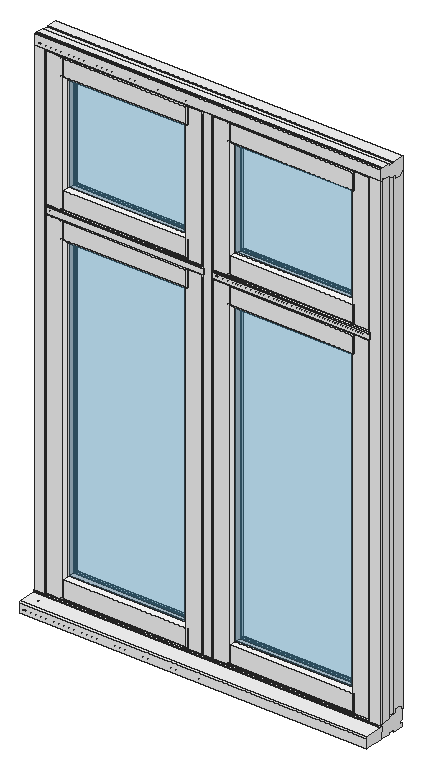
Revit family "C22", category Generic Models, Revit 2012
Parameters (values of type "Window Sill drawing")
  Width = 1200 mm
  Height = 1770 mm
  GlazingPanelMaterial = Glass
  Floor Material = White
Reference planes
  plane 1 "Center (Front/Back)": y = 0
  plane 2: z = 0
  plane 3 "Center (Left/Right)": x = 0
  plane 4: z = 33
  plane 5: x = -714
  plane 6: x = -750
  plane 7: x = -718
  plane 8: x = 450
  plane 9: y = 67
  plane 10: y = -67
  plane 11: z = 1770
  plane 12: z = 1734
  plane 13: z = 1722
  plane 14: z = 578
  plane 15: z = 622
  plane 16: z = 117
  plane 17: x = -150
  plane 18: z = 530.5
  plane 19: z = 540.5
  plane 20: x = 414
  plane 21: x = 402
  plane 22: z = 60
  plane 23: y = 16.985
  plane 24: z = 1730
  plane 25: z = 1255.81
  plane 26: z = 117
Forms (mm)
  Extrusion 1, solid, not visible
    sketch origin (0, 0, 9.375) x (0, 1, 0) y (0, 0, 1)
      loop
        line (94.662, 311.911) -> (94.314, 312.868) -> (95.314, 312.868) -> (93.454, 317.977) -> (86.115, 317.977) -> (85.011, 317.575) -> (64.143, 317.575) -> (64.143, 311.911) -> (94.662, 311.911)
    from 0 to 250
  Extrusion 2, solid, not visible
    sketch origin (0, 0, 9.375) x (0, 1, 0) y (0, 0, 1)
      loop
        line (93.688, 317.334) -> (85.92, 317.334) -> (87.101, 312.926) -> (95.293, 312.926) -> (93.688, 317.334)
      loop
        line (91.853, 322.376) -> (91.853, 328.194)
        arc (91.853, 328.194) -> (91.424, 329.231) -> (90.388, 329.66) r 1.465
        line (90.388, 329.66) -> (71.853, 329.66) -> (71.853, 322.376) -> (91.853, 322.376)
      loop
        line (73.373, 320.598) -> (64.143, 320.598) -> (64.143, 317.575) -> (73.373, 317.575) -> (73.373, 320.598)
      loop
        line (61.169, 311.884) -> (61.169, 316.884) -> (56.169, 316.884)
        arc (56.169, 316.884) -> (53.926, 317.813) -> (52.996, 320.057) r 3.173
        line (52.996, 320.057) -> (52.996, 327.594)
        arc (52.996, 327.594) -> (53.247, 329.284) -> (54.656, 330.25) r 2.138
        line (54.656, 330.25) -> (56.493, 330.25)
        arc (56.493, 330.25) -> (57.939, 329.727) -> (58.925, 328.548) r 2.95
        line (58.925, 328.548) -> (59.306, 324.922) -> (61.24, 324.922) -> (60.612, 330.901)
        arc (60.612, 330.901) -> (59.723, 332.646) -> (57.894, 333.348) r 2.733
        line (57.894, 333.348) -> (52.423, 333.348)
        arc (52.423, 333.348) -> (50.164, 330.795) -> (49.999, 327.391) r 5.139
        line (49.999, 327.391) -> (47.957, 316.884)
        arc (47.957, 316.884) -> (49.179, 314.507) -> (49.698, 311.884) r 9.583
        line (49.698, 311.884) -> (61.169, 311.884)
    from 0 to 250
  Extrusion 3, solid, not visible
    sketch origin (-848.022, -244.537, 0) x (1, 0, 0) y (0, 1, 0)
      loop
        line (-156.504, 643.402) -> (-146.504, 653.402) -> (-146.504, 655.402) -> (-162.504, 655.402) -> (-162.504, 703.402) -> (-199.504, 703.402)
        arc (-199.504, 703.402) -> (-201.625, 702.524) -> (-202.504, 700.402) r 3
        line (-202.504, 700.402) -> (-202.504, 695.402) -> (-196.504, 695.402) -> (-196.504, 692.402) -> (-202.504, 692.402) -> (-202.504, 679.402) -> (-196.504, 679.402) -> (-196.504, 667.402) -> (-202.504, 667.402) -> (-202.504, 646.402)
        arc (-202.504, 646.402) -> (-201.625, 644.281) -> (-199.504, 643.402) r 3
        line (-199.504, 643.402) -> (-156.504, 643.402)
    from 672 to 1294
  Extrusion 4, solid, not visible
    sketch origin (-848.022, -244.537, 0) x (1, 0, 0) y (0, 1, 0)
      loop
        line (-162.504, 700.402) -> (-162.504, 681.402) -> (-150.504, 681.402) -> (-150.504, 684.402) -> (-146.504, 685.402) -> (-146.504, 689.402) -> (-149.504, 689.402)
        arc (-149.504, 689.402) -> (-151.847, 695.059) -> (-157.504, 697.402) r 8
        line (-157.504, 697.402) -> (-157.504, 700.402) -> (-162.504, 700.402)
    from 672 to 1294
  Extrusion 5, solid, not visible
    sketch origin (-511.418, -643.152, -230) x (1, 0, 0) y (0, 1, 0)
      loop
        line (-200.504, 641.902) -> (-200.504, 638.902) -> (-198.254, 638.902) -> (-198.254, 634.902) -> (-195.818, 634.902) -> (-195.818, 638.902) -> (-193.504, 638.902) -> (-193.504, 641.902) -> (-195.282, 641.902) -> (-195.282, 641.116) -> (-194.482, 641.116) -> (-194.482, 639.814) -> (-199.81, 639.814) -> (-199.81, 641.116) -> (-199.01, 641.116) -> (-199.01, 641.902) -> (-200.504, 641.902)
    from 230 to 852
  Extrusion 6, solid, not visible
    sketch origin (-511.418, -643.152, -140) x (1, 0, 0) y (0, 1, 0)
      loop
        line (-194.482, 639.814) -> (-194.482, 641.116) -> (-199.81, 641.116) -> (-199.81, 639.814) -> (-194.482, 639.814)
    from 140 to 762
  Extrusion 7, solid, not visible
    sketch origin (-511.418, -643.152, 0) x (1, 0, 0) y (0, 1, 0)
      loop
        spline (-199.847, 645.779) -> (-199.478, 645.505) -> (-199.241, 645.183) -> (-199.108, 644.823) -> (-199.048, 644.431) -> (-199.033, 644.016) -> (-199.035, 643.585) -> (-199.023, 643.147) -> (-198.97, 642.709) -> (-198.847, 642.279) -> (-198.624, 641.865) -> (-198.272, 641.475) -> (-197.764, 641.116)
        line (-197.764, 641.116) -> (-196.529, 641.116)
        spline (-196.529, 641.116) -> (-195.991, 641.457) -> (-195.612, 641.839) -> (-195.363, 642.251) -> (-195.215, 642.684) -> (-195.139, 643.129) -> (-195.106, 643.577) -> (-195.086, 644.017) -> (-195.05, 644.441) -> (-194.969, 644.838) -> (-194.814, 645.2) -> (-194.556, 645.517) -> (-194.166, 645.779)
        line (-194.166, 645.779) -> (-199.847, 645.779)
    from 0 to 622
  Extrusion 8, solid, material "White" <- "Floor Material"
    sketch origin (0, -3440.583, -3.128) x (0, 1, 0) y (0, 0, 1)
      loop
        line (3451.083, 1725.128) -> (3435.083, 1725.128)
        arc (3435.083, 1725.128) -> (3433.669, 1724.542) -> (3433.083, 1723.128) r 2
        line (3433.083, 1723.128) -> (3415.083, 1723.128)
        arc (3415.083, 1723.128) -> (3414.498, 1724.542) -> (3413.083, 1725.128) r 2
        line (3413.083, 1725.128) -> (3402.083, 1725.128) -> (3402.083, 1730.128)
        arc (3402.083, 1730.128) -> (3401.205, 1732.249) -> (3399.083, 1733.128) r 3
        line (3399.083, 1733.128) -> (3397.083, 1733.128)
        arc (3397.083, 1733.128) -> (3394.962, 1732.249) -> (3394.083, 1730.128) r 3
        line (3394.083, 1730.128) -> (3394.083, 1675.128) -> (3404.083, 1665.128) -> (3406.083, 1665.128) -> (3406.083, 1681.128) -> (3454.083, 1681.128) -> (3454.083, 1722.128)
        arc (3454.083, 1722.128) -> (3453.205, 1724.249) -> (3451.083, 1725.128) r 3
    from -657.987 to -219.773
  Sweep 9, solid, material "White" <- "Floor Material"
    path origin (16.12, -8, -4.107) x (1, 0, 0) y (0, 0, 1)
      loop
        line (-674, 1682) -> (-674, 1312.227) -> (-236, 1312.227) -> (-236, 1682) -> (-674, 1682)
    profile origin (-438.88, -8, 1677.893) x (0, 0, 1) y (0, -1, 0)
      loop
        line (-4.893, -19) -> (0.107, -19) -> (0.107, 0) -> (-11.893, 0) -> (-11.893, -3) -> (-15.893, -4) -> (-15.893, -8) -> (-12.893, -8)
        arc (-12.893, -8) -> (-10.55, -13.657) -> (-4.893, -16) r 8
        line (-4.893, -16) -> (-4.893, -19)
  Extrusion 10, solid, material "Glass"
    sketch origin (2388.494, -1584.07, 0) x (1, 0, 0) y (0, 1, 0)
      loop
        line (-3042.481, 1575.085) -> (-3042.481, 1571.085) -> (-2620.267, 1571.085) -> (-2620.267, 1575.085) -> (-3042.481, 1575.085)
      loop
        line (-3042.481, 1555.085) -> (-3042.481, 1551.085) -> (-2620.267, 1551.085) -> (-2620.267, 1555.085) -> (-3042.481, 1555.085)
    from 1316.369 to 1672
  Sweep 11, solid
    path origin (16.013, -20.977, -4) x (1, 0, 0) y (0, 0, 1)
      loop
        line (-670, 1678) -> (-670, 1316.013) -> (-239.786, 1316.013) -> (-239.786, 1678) -> (-670, 1678)
    profile origin (-438.88, -20.977, 1674) x (0, 0, 1) y (0, -1, 0)
      loop
        line (0, -8) -> (0, 8) -> (-10, 8) -> (-10, -8) -> (0, -8)
  Extrusion 12, solid, material "White" <- "Floor Material"
    sketch origin (0, -3500.599, -3.128) x (0, 1, 0) y (0, 0, 1)
      loop
        line (3457.583, 41.128) -> (3452.583, 41.128) -> (3395.213, 37.105)
        arc (3395.213, 37.105) -> (3393.335, 36.114) -> (3392.583, 34.128) r 3
        line (3392.583, 34.128) -> (3392.583, 3.128) -> (3397.583, 3.128) -> (3397.583, 5.128)
        arc (3397.583, 5.128) -> (3400.583, 8.128) -> (3403.583, 5.128) r 3
        line (3403.583, 5.128) -> (3403.583, 3.128) -> (3452.583, 3.128) -> (3452.583, 26.128) -> (3457.583, 26.128) -> (3457.583, 41.128)
    from -750 to 450
  Extrusion 13, solid, material "White" <- "Floor Material"
    sketch origin (0, -3500.599, -3.128) x (0, 1, 0) y (0, 0, 1)
      loop
        line (3546.583, 58.128) -> (3543.583, 58.128)
        arc (3543.583, 58.128) -> (3540.655, 65.199) -> (3533.583, 68.128) r 10
        line (3533.583, 68.128) -> (3533.583, 71.128) -> (3517.583, 71.128) -> (3517.583, 63.128) -> (3523.583, 63.128) -> (3523.583, 60.128) -> (3517.583, 60.128) -> (3517.583, 59.128) -> (3494.583, 56.128) -> (3494.583, 51.128) -> (3454.583, 46.128)
        arc (3454.583, 46.128) -> (3453.169, 45.542) -> (3452.583, 44.128) r 2
        line (3452.583, 44.128) -> (3452.583, 41.128) -> (3457.583, 41.128) -> (3457.583, 26.128) -> (3452.583, 26.128) -> (3452.583, 3.128) -> (3457.583, 3.128) -> (3457.583, 5.128)
        arc (3457.583, 5.128) -> (3460.583, 8.128) -> (3463.583, 5.128) r 3
        line (3463.583, 5.128) -> (3463.583, 3.128) -> (3489.583, 3.128) -> (3489.583, 8.128) -> (3509.583, 8.128) -> (3509.583, 3.128) -> (3546.583, 3.128) -> (3546.583, 13.128) -> (3536.583, 13.128) -> (3536.583, 23.128) -> (3546.583, 23.128) -> (3546.583, 58.128)
    from -750 to 450
  Sweep 14, solid, material "White" <- "Floor Material"
    path origin (0, 0, 0) x (1, 0, 0) y (0, 0, 1)
      loop
        line (-750, 1770) -> (450, 1770)
    profile origin (-150, 0, 1770) x (0, 0, 1) y (0, -1, 0)
      loop
        line (0, -10) -> (-5, -10) -> (-5, 10) -> (0, 10) -> (0, 36) -> (-2, 36)
        arc (-2, 36) -> (-5, 39) -> (-2, 42) r 3
        line (-2, 42) -> (0, 42) -> (0, 47) -> (-36, 47) -> (-36, 43)
        arc (-36, 43) -> (-34.834, 41.499) -> (-33, 41) r 3
        line (-33, 41) -> (-33, 34.079)
        arc (-33, 34.079) -> (-34.922, 33.441) -> (-36, 31.727) r 3
        line (-36, 31.727) -> (-36, 7) -> (-44, 7) -> (-44, -1) -> (-36, -1) -> (-36, -4) -> (-44, -4) -> (-44, -14) -> (-36, -14) -> (-36, -18) -> (-56, -18) -> (-56, -34) -> (-53, -34)
        arc (-53, -34) -> (-50.071, -41.071) -> (-43, -44) r 10
        line (-43, -44) -> (-43, -47) -> (0, -47) -> (0, -10)
  Extrusion 15, solid, material "White" <- "Floor Material"
    sketch origin (753.141, -3440.699, 1654.007) x (0, 1, 0) y (-1, 0, 0)
      loop
        line (3451.083, 1455.128) -> (3435.083, 1455.128)
        arc (3435.083, 1455.128) -> (3433.669, 1454.542) -> (3433.083, 1453.128) r 2
        line (3433.083, 1453.128) -> (3415.083, 1453.128)
        arc (3415.083, 1453.128) -> (3414.498, 1454.542) -> (3413.083, 1455.128) r 2
        line (3413.083, 1455.128) -> (3402.083, 1455.128) -> (3402.083, 1460.128)
        arc (3402.083, 1460.128) -> (3401.205, 1462.249) -> (3399.083, 1463.128) r 3
        line (3399.083, 1463.128) -> (3397.083, 1463.128)
        arc (3397.083, 1463.128) -> (3394.962, 1462.249) -> (3394.083, 1460.128) r 3
        line (3394.083, 1460.128) -> (3394.083, 1405.128) -> (3404.083, 1395.128) -> (3406.083, 1395.128) -> (3406.083, 1411.128) -> (3454.083, 1411.128) -> (3454.083, 1452.128)
        arc (3454.083, 1452.128) -> (3453.205, 1454.249) -> (3451.083, 1455.128) r 3
    from -398.197 to 75.993
  Extrusion 16, solid, material "White" <- "Floor Material"
    sketch origin (-1630.9, -3440.699, 1654.007) x (0, 1, 0) y (-1, 0, 0)
      loop
        arc (3451.083, -1455.128) -> (3453.205, -1454.249) -> (3454.083, -1452.128) r 3
        line (3454.083, -1452.128) -> (3454.083, -1411.128) -> (3406.083, -1411.128) -> (3406.083, -1395.128) -> (3404.083, -1395.128) -> (3394.083, -1405.128) -> (3394.083, -1460.128)
        arc (3394.083, -1460.128) -> (3394.962, -1462.249) -> (3397.083, -1463.128) r 3
        line (3397.083, -1463.128) -> (3399.083, -1463.128)
        arc (3399.083, -1463.128) -> (3401.205, -1462.249) -> (3402.083, -1460.128) r 3
        line (3402.083, -1460.128) -> (3402.083, -1455.128) -> (3413.083, -1455.128)
        arc (3413.083, -1455.128) -> (3414.498, -1454.542) -> (3415.083, -1453.128) r 2
        line (3415.083, -1453.128) -> (3433.083, -1453.128)
        arc (3433.083, -1453.128) -> (3433.669, -1454.542) -> (3435.083, -1455.128) r 2
        line (3435.083, -1455.128) -> (3451.083, -1455.128)
    from -398.197 to 75.993
  Extrusion 17, solid, material "White" <- "Floor Material"
    sketch origin (0, -3440.583, 2722.931) x (0, 1, 0) y (0, 0, 1)
      loop
        arc (3451.083, -1455.128) -> (3453.205, -1454.249) -> (3454.083, -1452.128) r 3
        line (3454.083, -1452.128) -> (3454.083, -1411.128) -> (3406.083, -1411.128) -> (3406.083, -1395.128) -> (3404.083, -1395.128) -> (3394.083, -1405.128) -> (3394.083, -1464.121)
        arc (3394.083, -1464.121) -> (3394.962, -1466.243) -> (3397.083, -1467.121) r 3
        line (3397.083, -1467.121) -> (3399.083, -1467.121)
        arc (3399.083, -1467.121) -> (3401.205, -1466.243) -> (3402.083, -1464.121) r 3
        line (3402.083, -1464.121) -> (3402.083, -1455.128) -> (3413.083, -1455.128)
        arc (3413.083, -1455.128) -> (3414.498, -1454.542) -> (3415.083, -1453.128) r 2
        line (3415.083, -1453.128) -> (3433.083, -1453.128)
        arc (3433.083, -1453.128) -> (3433.669, -1454.542) -> (3435.083, -1455.128) r 2
        line (3435.083, -1455.128) -> (3451.083, -1455.128)
    from -657.987 to -219.773
  Extrusion 18, solid, material "White" <- "Floor Material"
    sketch origin (-1585.9, -3440.699, 1654.007) x (0, 1, 0) y (-1, 0, 0)
      loop
        line (3397.083, -1422.128) -> (3393.083, -1422.128) -> (3393.083, -1450.128) -> (3397.083, -1450.128)
        arc (3397.083, -1450.128) -> (3398.498, -1449.542) -> (3399.083, -1448.128) r 2
        line (3399.083, -1448.128) -> (3399.083, -1447.128) -> (3406.083, -1447.128) -> (3406.083, -1448.128)
        arc (3406.083, -1448.128) -> (3406.669, -1449.542) -> (3408.083, -1450.128) r 2
        line (3408.083, -1450.128) -> (3433.083, -1450.128) -> (3433.083, -1456.128) -> (3441.083, -1456.128) -> (3441.083, -1450.128) -> (3444.083, -1450.128) -> (3444.083, -1458.128) -> (3454.083, -1458.128) -> (3454.083, -1450.128) -> (3458.083, -1450.128) -> (3458.083, -1470.128) -> (3474.083, -1470.128) -> (3474.083, -1467.128)
        arc (3474.083, -1467.128) -> (3481.155, -1464.199) -> (3484.083, -1457.128) r 10
        line (3484.083, -1457.128) -> (3487.083, -1457.128) -> (3487.083, -1415.128) -> (3484.083, -1415.128)
        arc (3484.083, -1415.128) -> (3481.155, -1408.057) -> (3474.083, -1405.128) r 10
        line (3474.083, -1405.128) -> (3474.083, -1402.128) -> (3458.083, -1402.128) -> (3458.083, -1422.128) -> (3454.083, -1422.128) -> (3454.083, -1414.128) -> (3444.083, -1414.128) -> (3444.083, -1422.128) -> (3441.083, -1422.128) -> (3441.083, -1416.128) -> (3433.083, -1416.128) -> (3433.083, -1422.128) -> (3408.083, -1422.128)
        arc (3408.083, -1422.128) -> (3406.669, -1422.714) -> (3406.083, -1424.128) r 2
        line (3406.083, -1424.128) -> (3406.083, -1425.128) -> (3399.083, -1425.128) -> (3399.083, -1424.128)
        arc (3399.083, -1424.128) -> (3398.498, -1422.714) -> (3397.083, -1422.128) r 2
    from -1606.007 to 79.993
  Extrusion 19, solid, material "White" <- "Floor Material"
    sketch origin (0, -3440.583, 1515.128) x (0, 1, 0) y (0, 0, 1)
      loop
        arc (3451.083, -1455.128) -> (3453.205, -1454.249) -> (3454.083, -1452.128) r 3
        line (3454.083, -1452.128) -> (3454.083, -1411.128) -> (3406.083, -1411.128) -> (3406.083, -1395.128) -> (3404.083, -1395.128) -> (3394.083, -1405.128) -> (3394.083, -1464.128)
        arc (3394.083, -1464.128) -> (3394.962, -1466.249) -> (3397.083, -1467.128) r 3
        line (3397.083, -1467.128) -> (3399.083, -1467.128)
        arc (3399.083, -1467.128) -> (3401.205, -1466.249) -> (3402.083, -1464.128) r 3
        line (3402.083, -1464.128) -> (3402.083, -1455.128) -> (3413.083, -1455.128)
        arc (3413.083, -1455.128) -> (3414.498, -1454.542) -> (3415.083, -1453.128) r 2
        line (3415.083, -1453.128) -> (3433.083, -1453.128)
        arc (3433.083, -1453.128) -> (3433.669, -1454.542) -> (3435.083, -1455.128) r 2
        line (3435.083, -1455.128) -> (3451.083, -1455.128)
    from -657.987 to -219.773
  Extrusion 20, solid, material "White" <- "Floor Material"
    sketch origin (-2129.889, -3440.699, -194.324) x (0, 1, 0) y (0, 0, -1)
      loop
        line (3397.083, -1421.91) -> (3393.083, -1421.91) -> (3393.083, -1441.91) -> (3393.083, -1442.91)
        arc (3393.083, -1442.91) -> (3393.669, -1444.325) -> (3395.083, -1444.91) r 2
        line (3395.083, -1444.91) -> (3435.083, -1450.128) -> (3435.083, -1455.128) -> (3458.083, -1458.128) -> (3458.083, -1459.128) -> (3464.083, -1459.128) -> (3464.083, -1462.128) -> (3458.083, -1462.128) -> (3458.083, -1470.128) -> (3474.083, -1470.128) -> (3474.083, -1467.128)
        arc (3474.083, -1467.128) -> (3481.155, -1464.199) -> (3484.083, -1457.128) r 10
        line (3484.083, -1457.128) -> (3487.083, -1457.128) -> (3487.083, -1415.128) -> (3484.083, -1415.128)
        arc (3484.083, -1415.128) -> (3481.155, -1408.057) -> (3474.083, -1405.128) r 10
        line (3474.083, -1405.128) -> (3474.083, -1402.128) -> (3458.083, -1402.128) -> (3458.083, -1422.128) -> (3454.083, -1422.128) -> (3454.083, -1413.91) -> (3444.083, -1413.91) -> (3444.083, -1421.91) -> (3441.083, -1421.91) -> (3441.083, -1415.91) -> (3433.083, -1415.91) -> (3433.083, -1421.91) -> (3408.083, -1421.91)
        arc (3408.083, -1421.91) -> (3406.669, -1422.496) -> (3406.083, -1423.91) r 2
        line (3406.083, -1423.91) -> (3406.083, -1424.91) -> (3399.083, -1424.91) -> (3399.083, -1423.91)
        arc (3399.083, -1423.91) -> (3398.498, -1422.496) -> (3397.083, -1421.91) r 2
    from -1966.122 to -1415.889
  Extrusion 21, solid, material "White" <- "Floor Material"
    sketch origin (0, -3440.583, -239.324) x (0, 1, 0) y (0, 0, 1)
      loop
        line (3451.083, 1455.128) -> (3435.083, 1455.128)
        arc (3435.083, 1455.128) -> (3433.669, 1454.542) -> (3433.083, 1453.128) r 2
        line (3433.083, 1453.128) -> (3415.083, 1453.128)
        arc (3415.083, 1453.128) -> (3414.498, 1454.542) -> (3413.083, 1455.128) r 2
        line (3413.083, 1455.128) -> (3402.083, 1455.128) -> (3402.083, 1460.128)
        arc (3402.083, 1460.128) -> (3401.205, 1462.249) -> (3399.083, 1463.128) r 3
        line (3399.083, 1463.128) -> (3397.083, 1463.128)
        arc (3397.083, 1463.128) -> (3394.962, 1462.249) -> (3394.083, 1460.128) r 3
        line (3394.083, 1460.128) -> (3394.083, 1405.128) -> (3404.083, 1395.128) -> (3406.083, 1395.128) -> (3406.083, 1411.128) -> (3454.083, 1411.128) -> (3454.083, 1452.128)
        arc (3454.083, 1452.128) -> (3453.205, 1454.249) -> (3451.083, 1455.128) r 3
    from -657.987 to -219.773
  Sweep 22, solid, material "White" <- "Floor Material"
    path origin (16.12, -8, -514.094) x (1, 0, 0) y (0, 0, 1)
      loop
        line (-674, 1685.809) -> (-674, 618.194) -> (-236, 618.194) -> (-236, 1685.809) -> (-674, 1685.809)
    profile origin (-438.88, -8, 1171.715) x (0, 0, 1) y (0, -1, 0)
      loop
        line (-4.893, -19) -> (0.107, -19) -> (0.107, 0) -> (-11.893, 0) -> (-11.893, -3) -> (-15.893, -4) -> (-15.893, -8) -> (-12.893, -8)
        arc (-12.893, -8) -> (-10.55, -13.657) -> (-4.893, -16) r 8
        line (-4.893, -16) -> (-4.893, -19)
  Extrusion 23, solid, material "White" <- "Floor Material"
    sketch origin (753.141, -3440.699, 1144.02) x (0, 1, 0) y (-1, 0, 0)
      loop
        line (3451.083, 1455.128) -> (3435.083, 1455.128)
        arc (3435.083, 1455.128) -> (3433.669, 1454.542) -> (3433.083, 1453.128) r 2
        line (3433.083, 1453.128) -> (3415.083, 1453.128)
        arc (3415.083, 1453.128) -> (3414.498, 1454.542) -> (3413.083, 1455.128) r 2
        line (3413.083, 1455.128) -> (3402.083, 1455.128) -> (3402.083, 1460.128)
        arc (3402.083, 1460.128) -> (3401.205, 1462.249) -> (3399.083, 1463.128) r 3
        line (3399.083, 1463.128) -> (3397.083, 1463.128)
        arc (3397.083, 1463.128) -> (3394.962, 1462.249) -> (3394.083, 1460.128) r 3
        line (3394.083, 1460.128) -> (3394.083, 1405.128) -> (3404.083, 1395.128) -> (3406.083, 1395.128) -> (3406.083, 1411.128) -> (3454.083, 1411.128) -> (3454.083, 1452.128)
        arc (3454.083, 1452.128) -> (3453.205, 1454.249) -> (3451.083, 1455.128) r 3
    from -1096.02 to 79.784
  Extrusion 24, solid, material "White" <- "Floor Material"
    sketch origin (-1630.9, -3440.699, 1144.02) x (0, 1, 0) y (-1, 0, 0)
      loop
        arc (3451.083, -1455.128) -> (3453.205, -1454.249) -> (3454.083, -1452.128) r 3
        line (3454.083, -1452.128) -> (3454.083, -1411.128) -> (3406.083, -1411.128) -> (3406.083, -1395.128) -> (3404.083, -1395.128) -> (3394.083, -1405.128) -> (3394.083, -1460.128)
        arc (3394.083, -1460.128) -> (3394.962, -1462.249) -> (3397.083, -1463.128) r 3
        line (3397.083, -1463.128) -> (3399.083, -1463.128)
        arc (3399.083, -1463.128) -> (3401.205, -1462.249) -> (3402.083, -1460.128) r 3
        line (3402.083, -1460.128) -> (3402.083, -1455.128) -> (3413.083, -1455.128)
        arc (3413.083, -1455.128) -> (3414.498, -1454.542) -> (3415.083, -1453.128) r 2
        line (3415.083, -1453.128) -> (3433.083, -1453.128)
        arc (3433.083, -1453.128) -> (3433.669, -1454.542) -> (3435.083, -1455.128) r 2
        line (3435.083, -1455.128) -> (3451.083, -1455.128)
    from -1096.02 to 79.784
  Extrusion 25, solid, material "Glass"
    sketch origin (2388.494, -1584.07, -509.987) x (1, 0, 0) y (0, 1, 0)
      loop
        line (-3042.481, 1575.085) -> (-3042.481, 1571.085) -> (-2620.267, 1571.085) -> (-2620.267, 1575.085) -> (-3042.481, 1575.085)
      loop
        line (-3042.481, 1555.085) -> (-3042.481, 1551.085) -> (-2620.267, 1551.085) -> (-2620.267, 1555.085) -> (-3042.481, 1555.085)
    from 617.987 to 1675.79
  Sweep 26, solid
    path origin (16.013, -20.977, -513.987) x (1, 0, 0) y (0, 0, 1)
      loop
        line (-670, 1681.658) -> (-670, 621.987) -> (-239.786, 621.987) -> (-239.786, 1681.658) -> (-670, 1681.658)
    profile origin (-438.88, -20.977, 1167.671) x (0, 0, 1) y (0, -1, 0)
      loop
        line (0, -8) -> (0, 8) -> (-10, 8) -> (-10, -8) -> (0, -8)
  Sweep 27, solid, material "White" <- "Floor Material"
    path origin (1020, 0, 984) x (0, 0, -1) y (1, 0, 0)
      loop
        line (-750, -1770) -> (984, -1770)
    profile origin (-750, 0, 867) x (0, -1, 0) y (1, 0, 0)
      loop
        line (-10, 0) -> (-10, 5) -> (10, 5) -> (10, 0) -> (36, 0) -> (36, 2)
        arc (36, 2) -> (39, 5) -> (42, 2) r 3
        line (42, 2) -> (42, 0) -> (47, 0) -> (47, 36) -> (43, 36)
        arc (43, 36) -> (41.499, 34.834) -> (41, 33) r 3
        line (41, 33) -> (34.079, 33)
        arc (34.079, 33) -> (33.441, 34.922) -> (31.727, 36) r 3
        line (31.727, 36) -> (7, 36) -> (7, 44) -> (-1, 44) -> (-1, 36) -> (-4, 36) -> (-4, 44) -> (-14, 44) -> (-14, 36) -> (-18, 36) -> (-18, 56) -> (-34, 56) -> (-34, 53)
        arc (-34, 53) -> (-41.071, 50.071) -> (-44, 43) r 10
        line (-44, 43) -> (-47, 43) -> (-47, 0) -> (-10, 0)
  Sweep 28, solid, material "White" <- "Floor Material"
    path origin (-1320, 0, 984) x (0, 0, -1) y (1, 0, 0)
      loop
        line (-750, 1770) -> (984, 1770)
    profile origin (450, 0, 867) x (0, -1, 0) y (1, 0, 0)
      loop
        line (-10, 0) -> (-47, 0) -> (-47, -43) -> (-44, -43)
        arc (-44, -43) -> (-41.071, -50.071) -> (-34, -53) r 10
        line (-34, -53) -> (-34, -56) -> (-18, -56) -> (-18, -36) -> (-14, -36) -> (-14, -44) -> (-4, -44) -> (-4, -36) -> (-1, -36) -> (-1, -44) -> (7, -44) -> (7, -36) -> (31.727, -36)
        arc (31.727, -36) -> (33.441, -34.922) -> (34.079, -33) r 3
        line (34.079, -33) -> (41, -33)
        arc (41, -33) -> (41.499, -34.834) -> (43, -36) r 3
        line (43, -36) -> (47, -36) -> (47, 0) -> (42, 0) -> (42, -2)
        arc (42, -2) -> (39, -5) -> (36, -2) r 3
        line (36, -2) -> (36, 0) -> (10, 0) -> (10, -5) -> (-10, -5) -> (-10, 0)
  Sweep 29, void
    path origin (0, 0, 0) x (1, 0, 0) y (0, 1, 0)
      loop
        line (-750, -1.015) -> (450, -1.015)
    profile origin (-150, -1.015, 0) x (0, 1, 0) y (0, 0, 1)
      loop
        line (47, 55) -> (44, 55)
        arc (44, 55) -> (41.071, 62.071) -> (34, 65) r 10
        line (34, 65) -> (34, 68) -> (18, 68) -> (18, 60) -> (24, 60) -> (24, 57) -> (18, 57) -> (18, 56) -> (-5, 53) -> (-5, 48) -> (-45, 43)
        arc (-45, 43) -> (-46.414, 42.414) -> (-47, 41) r 2
        line (-47, 41) -> (-47, 38) -> (-79.364, 33.978) -> (-104.37, 30.977) -> (-129.37, 27.977)
        arc (-129.37, 27.977) -> (-131.248, 26.986) -> (-132, 25) r 3
        line (-132, 25) -> (-132, -5) -> (58, -5) -> (58, 55) -> (47, 55)
  Extrusion 30, solid, material "White" <- "Floor Material"
    sketch origin (-300, -3440.583, -3.128) x (0, 1, 0) y (0, 0, -1)
      loop
        arc (3451.083, -1725.128) -> (3453.205, -1724.249) -> (3454.083, -1722.128) r 3
        line (3454.083, -1722.128) -> (3454.083, -1681.128) -> (3406.083, -1681.128) -> (3406.083, -1665.128) -> (3404.083, -1665.128) -> (3394.083, -1675.128) -> (3394.083, -1730.128)
        arc (3394.083, -1730.128) -> (3394.962, -1732.249) -> (3397.083, -1733.128) r 3
        line (3397.083, -1733.128) -> (3399.083, -1733.128)
        arc (3399.083, -1733.128) -> (3401.205, -1732.249) -> (3402.083, -1730.128) r 3
        line (3402.083, -1730.128) -> (3402.083, -1725.128) -> (3413.083, -1725.128)
        arc (3413.083, -1725.128) -> (3414.498, -1724.542) -> (3415.083, -1723.128) r 2
        line (3415.083, -1723.128) -> (3433.083, -1723.128)
        arc (3433.083, -1723.128) -> (3433.669, -1724.542) -> (3435.083, -1725.128) r 2
        line (3435.083, -1725.128) -> (3451.083, -1725.128)
    from -657.987 to -219.773
  Sweep 31, solid, material "White" <- "Floor Material"
    path origin (-316.12, -8, -4.107) x (-1, 0, 0) y (0, 0, -1)
      loop
        line (-674, -1682) -> (-236, -1682) -> (-236, -1312.227) -> (-674, -1312.227) -> (-674, -1682)
    profile origin (138.88, -8, 1677.893) x (0, 0, -1) y (0, -1, 0)
      loop
        line (4.893, -19) -> (4.893, -16)
        arc (4.893, -16) -> (10.55, -13.657) -> (12.893, -8) r 8
        line (12.893, -8) -> (15.893, -8) -> (15.893, -4) -> (11.893, -3) -> (11.893, 0) -> (-0.107, 0) -> (-0.107, -19) -> (4.893, -19)
  Extrusion 32, solid, material "Glass"
    sketch origin (-2688.494, -1584.07, 0) x (-1, 0, 0) y (0, -1, 0)
      loop
        line (-3042.481, -1575.085) -> (-2620.267, -1575.085) -> (-2620.267, -1571.085) -> (-3042.481, -1571.085) -> (-3042.481, -1575.085)
      loop
        line (-3042.481, -1555.085) -> (-2620.267, -1555.085) -> (-2620.267, -1551.085) -> (-3042.481, -1551.085) -> (-3042.481, -1555.085)
    from 1316.369 to 1672
  Sweep 33, solid
    path origin (-316.013, -20.977, -4) x (-1, 0, 0) y (0, 0, -1)
      loop
        line (-670, -1678) -> (-239.786, -1678) -> (-239.786, -1316.013) -> (-670, -1316.013) -> (-670, -1678)
    profile origin (138.88, -20.977, 1674) x (0, 0, -1) y (0, -1, 0)
      loop
        line (0, -8) -> (10, -8) -> (10, 8) -> (0, 8) -> (0, -8)
  Extrusion 34, solid, material "White" <- "Floor Material"
    sketch origin (-1053.141, -3440.699, 1654.007) x (0, 1, 0) y (-1, 0, 0)
      loop
        arc (3451.083, -1455.128) -> (3453.205, -1454.249) -> (3454.083, -1452.128) r 3
        line (3454.083, -1452.128) -> (3454.083, -1411.128) -> (3406.083, -1411.128) -> (3406.083, -1395.128) -> (3404.083, -1395.128) -> (3394.083, -1405.128) -> (3394.083, -1460.128)
        arc (3394.083, -1460.128) -> (3394.962, -1462.249) -> (3397.083, -1463.128) r 3
        line (3397.083, -1463.128) -> (3399.083, -1463.128)
        arc (3399.083, -1463.128) -> (3401.205, -1462.249) -> (3402.083, -1460.128) r 3
        line (3402.083, -1460.128) -> (3402.083, -1455.128) -> (3413.083, -1455.128)
        arc (3413.083, -1455.128) -> (3414.498, -1454.542) -> (3415.083, -1453.128) r 2
        line (3415.083, -1453.128) -> (3433.083, -1453.128)
        arc (3433.083, -1453.128) -> (3433.669, -1454.542) -> (3435.083, -1455.128) r 2
        line (3435.083, -1455.128) -> (3451.083, -1455.128)
    from -398.197 to 75.993
  Extrusion 35, solid, material "White" <- "Floor Material"
    sketch origin (1330.9, -3440.699, 1654.007) x (0, 1, 0) y (-1, 0, 0)
      loop
        line (3451.083, 1455.128) -> (3435.083, 1455.128)
        arc (3435.083, 1455.128) -> (3433.669, 1454.542) -> (3433.083, 1453.128) r 2
        line (3433.083, 1453.128) -> (3415.083, 1453.128)
        arc (3415.083, 1453.128) -> (3414.498, 1454.542) -> (3413.083, 1455.128) r 2
        line (3413.083, 1455.128) -> (3402.083, 1455.128) -> (3402.083, 1460.128)
        arc (3402.083, 1460.128) -> (3401.205, 1462.249) -> (3399.083, 1463.128) r 3
        line (3399.083, 1463.128) -> (3397.083, 1463.128)
        arc (3397.083, 1463.128) -> (3394.962, 1462.249) -> (3394.083, 1460.128) r 3
        line (3394.083, 1460.128) -> (3394.083, 1405.128) -> (3404.083, 1395.128) -> (3406.083, 1395.128) -> (3406.083, 1411.128) -> (3454.083, 1411.128) -> (3454.083, 1452.128)
        arc (3454.083, 1452.128) -> (3453.205, 1454.249) -> (3451.083, 1455.128) r 3
    from -398.197 to 75.993
  Extrusion 36, solid, material "White" <- "Floor Material"
    sketch origin (-300, -3440.583, 2722.931) x (0, 1, 0) y (0, 0, -1)
      loop
        line (3451.083, 1455.128) -> (3435.083, 1455.128)
        arc (3435.083, 1455.128) -> (3433.669, 1454.542) -> (3433.083, 1453.128) r 2
        line (3433.083, 1453.128) -> (3415.083, 1453.128)
        arc (3415.083, 1453.128) -> (3414.498, 1454.542) -> (3413.083, 1455.128) r 2
        line (3413.083, 1455.128) -> (3402.083, 1455.128) -> (3402.083, 1464.121)
        arc (3402.083, 1464.121) -> (3401.205, 1466.243) -> (3399.083, 1467.121) r 3
        line (3399.083, 1467.121) -> (3397.083, 1467.121)
        arc (3397.083, 1467.121) -> (3394.962, 1466.243) -> (3394.083, 1464.121) r 3
        line (3394.083, 1464.121) -> (3394.083, 1405.128) -> (3404.083, 1395.128) -> (3406.083, 1395.128) -> (3406.083, 1411.128) -> (3454.083, 1411.128) -> (3454.083, 1452.128)
        arc (3454.083, 1452.128) -> (3453.205, 1454.249) -> (3451.083, 1455.128) r 3
    from -657.987 to -219.773
  Extrusion 37, solid, material "White" <- "Floor Material"
    sketch origin (-300, -3440.583, 1515.128) x (0, 1, 0) y (0, 0, -1)
      loop
        line (3451.083, 1455.128) -> (3435.083, 1455.128)
        arc (3435.083, 1455.128) -> (3433.669, 1454.542) -> (3433.083, 1453.128) r 2
        line (3433.083, 1453.128) -> (3415.083, 1453.128)
        arc (3415.083, 1453.128) -> (3414.498, 1454.542) -> (3413.083, 1455.128) r 2
        line (3413.083, 1455.128) -> (3402.083, 1455.128) -> (3402.083, 1464.128)
        arc (3402.083, 1464.128) -> (3401.205, 1466.249) -> (3399.083, 1467.128) r 3
        line (3399.083, 1467.128) -> (3397.083, 1467.128)
        arc (3397.083, 1467.128) -> (3394.962, 1466.249) -> (3394.083, 1464.128) r 3
        line (3394.083, 1464.128) -> (3394.083, 1405.128) -> (3404.083, 1395.128) -> (3406.083, 1395.128) -> (3406.083, 1411.128) -> (3454.083, 1411.128) -> (3454.083, 1452.128)
        arc (3454.083, 1452.128) -> (3453.205, 1454.249) -> (3451.083, 1455.128) r 3
    from -657.987 to -219.773
  Extrusion 38, solid, material "White" <- "Floor Material"
    sketch origin (1829.889, -3440.699, -194.324) x (0, 1, 0) y (0, 0, 1)
      loop
        arc (3397.083, 1421.91) -> (3398.498, 1422.496) -> (3399.083, 1423.91) r 2
        line (3399.083, 1423.91) -> (3399.083, 1424.91) -> (3406.083, 1424.91) -> (3406.083, 1423.91)
        arc (3406.083, 1423.91) -> (3406.669, 1422.496) -> (3408.083, 1421.91) r 2
        line (3408.083, 1421.91) -> (3433.083, 1421.91) -> (3433.083, 1415.91) -> (3441.083, 1415.91) -> (3441.083, 1421.91) -> (3444.083, 1421.91) -> (3444.083, 1413.91) -> (3454.083, 1413.91) -> (3454.083, 1422.128) -> (3458.083, 1422.128) -> (3458.083, 1402.128) -> (3474.083, 1402.128) -> (3474.083, 1405.128)
        arc (3474.083, 1405.128) -> (3481.155, 1408.057) -> (3484.083, 1415.128) r 10
        line (3484.083, 1415.128) -> (3487.083, 1415.128) -> (3487.083, 1457.128) -> (3484.083, 1457.128)
        arc (3484.083, 1457.128) -> (3481.155, 1464.199) -> (3474.083, 1467.128) r 10
        line (3474.083, 1467.128) -> (3474.083, 1470.128) -> (3458.083, 1470.128) -> (3458.083, 1462.128) -> (3464.083, 1462.128) -> (3464.083, 1459.128) -> (3458.083, 1459.128) -> (3458.083, 1458.128) -> (3435.083, 1455.128) -> (3435.083, 1450.128) -> (3395.083, 1444.91)
        arc (3395.083, 1444.91) -> (3393.669, 1444.325) -> (3393.083, 1442.91) r 2
        line (3393.083, 1442.91) -> (3393.083, 1441.91) -> (3393.083, 1421.91) -> (3397.083, 1421.91)
    from -1965.661 to -1415.889
  Extrusion 39, solid, material "White" <- "Floor Material"
    sketch origin (-300, -3440.583, -239.324) x (0, 1, 0) y (0, 0, -1)
      loop
        arc (3451.083, -1455.128) -> (3453.205, -1454.249) -> (3454.083, -1452.128) r 3
        line (3454.083, -1452.128) -> (3454.083, -1411.128) -> (3406.083, -1411.128) -> (3406.083, -1395.128) -> (3404.083, -1395.128) -> (3394.083, -1405.128) -> (3394.083, -1460.128)
        arc (3394.083, -1460.128) -> (3394.962, -1462.249) -> (3397.083, -1463.128) r 3
        line (3397.083, -1463.128) -> (3399.083, -1463.128)
        arc (3399.083, -1463.128) -> (3401.205, -1462.249) -> (3402.083, -1460.128) r 3
        line (3402.083, -1460.128) -> (3402.083, -1455.128) -> (3413.083, -1455.128)
        arc (3413.083, -1455.128) -> (3414.498, -1454.542) -> (3415.083, -1453.128) r 2
        line (3415.083, -1453.128) -> (3433.083, -1453.128)
        arc (3433.083, -1453.128) -> (3433.669, -1454.542) -> (3435.083, -1455.128) r 2
        line (3435.083, -1455.128) -> (3451.083, -1455.128)
    from -657.987 to -219.773
  Sweep 40, solid, material "White" <- "Floor Material"
    path origin (-316.12, -8, -514.094) x (-1, 0, 0) y (0, 0, -1)
      loop
        line (-674, -1685.809) -> (-236, -1685.809) -> (-236, -618.194) -> (-674, -618.194) -> (-674, -1685.809)
    profile origin (138.88, -8, 1171.715) x (0, 0, -1) y (0, -1, 0)
      loop
        line (4.893, -19) -> (4.893, -16)
        arc (4.893, -16) -> (10.55, -13.657) -> (12.893, -8) r 8
        line (12.893, -8) -> (15.893, -8) -> (15.893, -4) -> (11.893, -3) -> (11.893, 0) -> (-0.107, 0) -> (-0.107, -19) -> (4.893, -19)
  Extrusion 41, solid, material "White" <- "Floor Material"
    sketch origin (-1053.141, -3440.699, 1144.02) x (0, 1, 0) y (-1, 0, 0)
      loop
        arc (3451.083, -1455.128) -> (3453.205, -1454.249) -> (3454.083, -1452.128) r 3
        line (3454.083, -1452.128) -> (3454.083, -1411.128) -> (3406.083, -1411.128) -> (3406.083, -1395.128) -> (3404.083, -1395.128) -> (3394.083, -1405.128) -> (3394.083, -1460.128)
        arc (3394.083, -1460.128) -> (3394.962, -1462.249) -> (3397.083, -1463.128) r 3
        line (3397.083, -1463.128) -> (3399.083, -1463.128)
        arc (3399.083, -1463.128) -> (3401.205, -1462.249) -> (3402.083, -1460.128) r 3
        line (3402.083, -1460.128) -> (3402.083, -1455.128) -> (3413.083, -1455.128)
        arc (3413.083, -1455.128) -> (3414.498, -1454.542) -> (3415.083, -1453.128) r 2
        line (3415.083, -1453.128) -> (3433.083, -1453.128)
        arc (3433.083, -1453.128) -> (3433.669, -1454.542) -> (3435.083, -1455.128) r 2
        line (3435.083, -1455.128) -> (3451.083, -1455.128)
    from -1096.02 to 79.784
  Extrusion 42, solid, material "White" <- "Floor Material"
    sketch origin (1330.9, -3440.699, 1144.02) x (0, 1, 0) y (-1, 0, 0)
      loop
        line (3451.083, 1455.128) -> (3435.083, 1455.128)
        arc (3435.083, 1455.128) -> (3433.669, 1454.542) -> (3433.083, 1453.128) r 2
        line (3433.083, 1453.128) -> (3415.083, 1453.128)
        arc (3415.083, 1453.128) -> (3414.498, 1454.542) -> (3413.083, 1455.128) r 2
        line (3413.083, 1455.128) -> (3402.083, 1455.128) -> (3402.083, 1460.128)
        arc (3402.083, 1460.128) -> (3401.205, 1462.249) -> (3399.083, 1463.128) r 3
        line (3399.083, 1463.128) -> (3397.083, 1463.128)
        arc (3397.083, 1463.128) -> (3394.962, 1462.249) -> (3394.083, 1460.128) r 3
        line (3394.083, 1460.128) -> (3394.083, 1405.128) -> (3404.083, 1395.128) -> (3406.083, 1395.128) -> (3406.083, 1411.128) -> (3454.083, 1411.128) -> (3454.083, 1452.128)
        arc (3454.083, 1452.128) -> (3453.205, 1454.249) -> (3451.083, 1455.128) r 3
    from -1096.02 to 79.784
  Extrusion 43, solid, material "Glass"
    sketch origin (-2688.494, -1584.07, -509.987) x (-1, 0, 0) y (0, -1, 0)
      loop
        line (-3042.481, -1575.085) -> (-2620.267, -1575.085) -> (-2620.267, -1571.085) -> (-3042.481, -1571.085) -> (-3042.481, -1575.085)
      loop
        line (-3042.481, -1555.085) -> (-2620.267, -1555.085) -> (-2620.267, -1551.085) -> (-3042.481, -1551.085) -> (-3042.481, -1555.085)
    from 617.987 to 1675.79
  Sweep 44, solid
    path origin (-316.013, -20.977, -513.987) x (-1, 0, 0) y (0, 0, -1)
      loop
        line (-670, -1681.658) -> (-239.786, -1681.658) -> (-239.786, -621.987) -> (-670, -621.987) -> (-670, -1681.658)
    profile origin (138.88, -20.977, 1167.671) x (0, 0, -1) y (0, -1, 0)
      loop
        line (0, -8) -> (10, -8) -> (10, 8) -> (0, 8) -> (0, -8)
Cuts and joins
  Sweep 29 cuts Extrusion 18
  Sweep 29 cuts Extrusion 24
  Sweep 29 cuts Sweep 27
  Sweep 29 cuts Sweep 28
Dimensions and locks
  plane 11 to plane 12 = 36 mm  (x2)
  plane 12 to plane 13 = 12 mm  (x2)
  locked: plane 14 to level at 578
  plane 15 to plane 14 = 44 mm
  plane 16 to level = 117 mm
  "Height": plane 11 to level
  "Width": plane 6 to plane 8
  equal spacing: plane 6, plane 17, plane 8
  plane 6 to plane 8 = 1200 mm
  Extrusion 15 to Extrusion 16 = 526.214 mm
  plane 22 to level = 60 mm
  aligned and locked: level to plane 2
  aligned and locked: plane 13 to Extrusion 8
  aligned and locked: Sweep 14 sketch curve to plane 11
Automatic sketch dimensions
  Extrusion 8 sketch curve to plane 24 = 0 mm
  Extrusion 8 sketch curve to plane 13 = 0 mm  (x2)
  Extrusion 8 sketch curve to plane 24 = 3 mm
  plane 10 to Extrusion 8 sketch curve = 20.5 mm
  Extrusion 8 sketch curve to Extrusion 8 sketch curve = 2 mm  (x2)
  Extrusion 8 sketch curve to Extrusion 8 sketch curve = 3 mm
  Extrusion 8 sketch curve to Extrusion 8 sketch curve = 10 mm  (x2)
  Extrusion 8 sketch curve to plane 13 = 2 mm
  Extrusion 8 sketch curve to Extrusion 8 sketch curve = 11 mm
  plane 1 "Center (Front/Back)" to Extrusion 8 sketch curve = 7.5 mm
  Extrusion 8 sketch curve to plane 13 = 3 mm
  Extrusion 8 sketch curve to plane 23 = 6.485 mm
  Extrusion 8 sketch curve to Extrusion 8 sketch curve = 42 mm
  Extrusion 8 sketch curve to Extrusion 8 sketch curve = 6 mm
  Sweep 9 sketch curve to plane 5 = 56.12 mm
  plane 17 to Sweep 9 sketch curve = 69.88 mm
  plane 25 to Sweep 9 sketch curve = 52.31 mm
  Sweep 9 sketch curve to plane 13 = 44.107 mm
  Sweep 9 sketch curve to profile plane = 0 mm
  Sweep 9 sketch curve to profile plane = 8 mm
  profile plane to Sweep 9 sketch curve = 15.893 mm
  Sweep 9 sketch curve to Sweep 9 sketch curve = 3 mm  (x3)
  Sweep 9 sketch curve to Sweep 9 sketch curve = 4 mm  (x2)
  profile plane to Sweep 9 sketch curve = 4.893 mm
  Sweep 9 sketch curve to profile plane = 0.107 mm
  plane 1 "Center (Front/Back)" to Extrusion 10 sketch curve = 8.984 mm
  Extrusion 10 sketch curve to plane 5 = 60.013 mm
  Extrusion 10 sketch curve to Extrusion 10 sketch curve = 0 mm  (x2)
  plane 1 "Center (Front/Back)" to Extrusion 10 sketch curve = 28.984 mm
  plane 17 to Extrusion 10 sketch curve = 81.773 mm
  Extrusion 10 sketch curve to Extrusion 10 sketch curve = 4 mm  (x2)
  Sweep 11 sketch curve to plane 5 = 60.013 mm
  plane 17 to Sweep 11 sketch curve = 73.773 mm
  plane 25 to Sweep 11 sketch curve = 56.203 mm
  Sweep 11 sketch curve to plane 13 = 48 mm
  profile plane to Sweep 11 sketch curve = 0 mm
  profile plane to Sweep 11 sketch curve = 10 mm
  Sweep 11 sketch curve to profile plane = 8 mm
  profile plane to Sweep 11 sketch curve = 8 mm
  Extrusion 12 sketch curve to level = 0 mm  (x2)
  Extrusion 12 sketch curve to plane 4 = 2 mm
  Extrusion 12 sketch curve to plane 10 = 41.015 mm
  plane 4 to Extrusion 12 sketch curve = 0.977 mm
  Extrusion 12 sketch curve to Extrusion 12 sketch curve = 2.63 mm
  Extrusion 12 sketch curve to Extrusion 12 sketch curve = 5 mm  (x2)
  level to Extrusion 12 sketch curve = 2 mm
  Extrusion 12 sketch curve to Extrusion 12 sketch curve = 3 mm
  plane 10 to Extrusion 12 sketch curve = 18.985 mm
  plane 4 to Extrusion 12 sketch curve = 5 mm
  Extrusion 12 sketch curve to Extrusion 12 sketch curve = 0 mm
  Extrusion 12 sketch curve to plane 4 = 10 mm
  Extrusion 13 sketch curve to level = 0 mm  (x3)
  Extrusion 13 sketch curve to plane 23 = 0 mm  (x2)
  Extrusion 13 sketch curve to plane 22 = 0 mm
  Extrusion 13 sketch curve to plane 23 = 8 mm
  plane 1 "Center (Front/Back)" to Extrusion 13 sketch curve = 6.015 mm
  level to Extrusion 13 sketch curve = 5 mm
  plane 1 "Center (Front/Back)" to Extrusion 13 sketch curve = 11.015 mm
  Extrusion 13 sketch curve to Extrusion 13 sketch curve = 26 mm
  Extrusion 13 sketch curve to Extrusion 13 sketch curve = 3 mm  (x5)
  Extrusion 13 sketch curve to plane 4 = 10 mm
  Extrusion 13 sketch curve to Extrusion 13 sketch curve = 0 mm
  Extrusion 13 sketch curve to Extrusion 13 sketch curve = 5 mm  (x2)
  Extrusion 13 sketch curve to Extrusion 13 sketch curve = 2 mm
  plane 23 to Extrusion 13 sketch curve = 6 mm
  plane 22 to Extrusion 13 sketch curve = 5 mm
  Extrusion 13 sketch curve to Extrusion 13 sketch curve = 10 mm  (x3)
  plane 23 to Extrusion 13 sketch curve = 19 mm
  Extrusion 13 sketch curve to plane 22 = 5 mm
  level to Extrusion 13 sketch curve = 2 mm
  level to Extrusion 13 sketch curve = 10 mm
  plane 4 to Extrusion 13 sketch curve = 5 mm
  Extrusion 13 sketch curve to plane 22 = 12 mm
  Extrusion 13 sketch curve to Extrusion 13 sketch curve = 4 mm
  plane 22 to Extrusion 13 sketch curve = 8 mm
  plane 6 to Sweep 14 sketch curve = 0 mm
  Sweep 14 sketch curve to plane 8 = 0 mm
  profile plane to Sweep 14 sketch curve = 0 mm  (x3)
  Sweep 14 sketch curve to Sweep 14 sketch curve = 2 mm  (x2)
  Sweep 14 sketch curve to Sweep 14 sketch curve = 5 mm  (x2)
  Sweep 14 sketch curve to Sweep 14 sketch curve = 31 mm
  Sweep 14 sketch curve to Sweep 14 sketch curve = 0.071 mm
  Sweep 14 sketch curve to Sweep 14 sketch curve = 0.17 mm
  profile plane to Sweep 14 sketch curve = 7 mm
  Sweep 14 sketch curve to Sweep 14 sketch curve = 2.929 mm
  Sweep 14 sketch curve to Sweep 14 sketch curve = 2.83 mm
  Sweep 14 sketch curve to profile plane = 1 mm
  Sweep 14 sketch curve to Sweep 14 sketch curve = 0 mm  (x3)
  Sweep 14 sketch curve to Sweep 14 sketch curve = 7 mm
  Sweep 14 sketch curve to Sweep 14 sketch curve = 8 mm
  Sweep 14 sketch curve to Sweep 14 sketch curve = 10 mm  (x2)
  Sweep 14 sketch curve to Sweep 14 sketch curve = 3 mm  (x4)
  Sweep 14 sketch curve to profile plane = 10 mm
  Sweep 14 sketch curve to Sweep 14 sketch curve = 4 mm
  Sweep 14 sketch curve to Sweep 14 sketch curve = 16 mm
  profile plane to Sweep 14 sketch curve = 10 mm
  Sweep 14 sketch curve to Sweep 14 sketch curve = 24.08 mm
  Sweep 14 sketch curve to Sweep 14 sketch curve = 0.647 mm
  Sweep 14 sketch curve to Sweep 14 sketch curve = 26 mm
  Sweep 14 sketch curve to Sweep 14 sketch curve = 6.921 mm
  Extrusion 15 sketch curve to plane 5 = 7.013 mm
  plane 10 to Extrusion 15 sketch curve = 20.384 mm
  Extrusion 15 sketch curve to plane 5 = 4.013 mm
  Extrusion 15 sketch curve to Extrusion 15 sketch curve = 2 mm  (x4)
  Extrusion 15 sketch curve to Extrusion 15 sketch curve = 3 mm  (x2)
  Extrusion 15 sketch curve to Extrusion 15 sketch curve = 10 mm  (x2)
  Extrusion 15 sketch curve to Extrusion 15 sketch curve = 11 mm
  plane 1 "Center (Front/Back)" to Extrusion 15 sketch curve = 7.616 mm
  Extrusion 15 sketch curve to plane 23 = 6.601 mm
  Extrusion 15 sketch curve to plane 5 = 12.013 mm
  Extrusion 15 sketch curve to Extrusion 15 sketch curve = 42 mm
  Extrusion 15 sketch curve to Extrusion 15 sketch curve = 6 mm
  plane 10 to Extrusion 16 sketch curve = 20.384 mm
  Extrusion 16 sketch curve to Extrusion 16 sketch curve = 3 mm  (x3)
  Extrusion 16 sketch curve to Extrusion 16 sketch curve = 2 mm  (x4)
  Extrusion 16 sketch curve to Extrusion 16 sketch curve = 10 mm  (x2)
  Extrusion 16 sketch curve to Extrusion 16 sketch curve = 11 mm
  plane 1 "Center (Front/Back)" to Extrusion 16 sketch curve = 7.616 mm
  Extrusion 16 sketch curve to plane 23 = 6.601 mm
  plane 17 to Extrusion 16 sketch curve = 17.773 mm
  plane 17 to Extrusion 16 sketch curve = 25.773 mm
  Extrusion 16 sketch curve to Extrusion 16 sketch curve = 41 mm
  Extrusion 16 sketch curve to Extrusion 16 sketch curve = 6 mm
  Extrusion 17 sketch curve to plane 25 = 0 mm
  plane 25 to Extrusion 17 sketch curve = 3 mm
  plane 10 to Extrusion 17 sketch curve = 20.5 mm
  Extrusion 17 sketch curve to Extrusion 17 sketch curve = 2 mm  (x4)
  Extrusion 17 sketch curve to Extrusion 17 sketch curve = 3 mm  (x2)
  Extrusion 17 sketch curve to Extrusion 17 sketch curve = 10 mm  (x2)
  Extrusion 17 sketch curve to Extrusion 17 sketch curve = 11 mm
  plane 1 "Center (Front/Back)" to Extrusion 17 sketch curve = 7.5 mm
  Extrusion 17 sketch curve to plane 23 = 6.485 mm
  plane 25 to Extrusion 17 sketch curve = 11.993 mm
  Extrusion 17 sketch curve to Extrusion 17 sketch curve = 41 mm
  Extrusion 17 sketch curve to Extrusion 17 sketch curve = 6 mm
  plane 10 to Extrusion 18 sketch curve = 19.384 mm
  Extrusion 18 sketch curve to Extrusion 18 sketch curve = 4 mm  (x2)
  Extrusion 18 sketch curve to Extrusion 18 sketch curve = 2 mm  (x5)
  Extrusion 18 sketch curve to Extrusion 18 sketch curve = 7 mm  (x2)
  plane 1 "Center (Front/Back)" to Extrusion 18 sketch curve = 7.616 mm  (x2)
  Extrusion 18 sketch curve to plane 1 "Center (Front/Back)" = 0.384 mm  (x2)
  Extrusion 18 sketch curve to Extrusion 18 sketch curve = 3 mm  (x4)
  Extrusion 18 sketch curve to plane 1 "Center (Front/Back)" = 3.384 mm
  Extrusion 18 sketch curve to plane 23 = 3.601 mm  (x2)
  plane 23 to Extrusion 18 sketch curve = 0.399 mm  (x2)
  plane 23 to Extrusion 18 sketch curve = 16.399 mm
  Extrusion 18 sketch curve to Extrusion 18 sketch curve = 16 mm
  Extrusion 18 sketch curve to Extrusion 18 sketch curve = 10 mm  (x2)
  Extrusion 18 sketch curve to plane 17 = 34.227 mm
  Extrusion 18 sketch curve to Extrusion 18 sketch curve = 12 mm
  Extrusion 18 sketch curve to plane 17 = 14.227 mm
  Extrusion 18 sketch curve to Extrusion 18 sketch curve = 6 mm  (x3)
  Extrusion 18 sketch curve to Extrusion 18 sketch curve = 8 mm  (x2)
  Extrusion 18 sketch curve to Extrusion 18 sketch curve = 1 mm  (x3)
  plane 17 to Extrusion 18 sketch curve = 10.773 mm
  plane 17 to Extrusion 18 sketch curve = 13.773 mm
  Extrusion 18 sketch curve to Extrusion 18 sketch curve = 0 mm
  plane 17 to Extrusion 18 sketch curve = 20.773 mm
  Extrusion 19 sketch curve to plane 22 = 0 mm  (x2)
  plane 10 to Extrusion 19 sketch curve = 20.5 mm
  Extrusion 19 sketch curve to Extrusion 19 sketch curve = 3 mm  (x2)
  Extrusion 19 sketch curve to Extrusion 19 sketch curve = 2 mm  (x2)
  plane 16 to Extrusion 19 sketch curve = 3 mm
  Extrusion 19 sketch curve to Extrusion 19 sketch curve = 10 mm
  plane 22 to Extrusion 19 sketch curve = 2 mm
  Extrusion 19 sketch curve to Extrusion 19 sketch curve = 11 mm
  plane 1 "Center (Front/Back)" to Extrusion 19 sketch curve = 7.5 mm
  plane 22 to Extrusion 19 sketch curve = 3 mm
  Extrusion 19 sketch curve to plane 23 = 6.485 mm
  Extrusion 19 sketch curve to plane 22 = 9 mm
  Extrusion 19 sketch curve to plane 16 = 13 mm
  Extrusion 19 sketch curve to plane 16 = 7 mm
  plane 10 to Extrusion 20 sketch curve = 19.384 mm
  Extrusion 20 sketch curve to Extrusion 20 sketch curve = 2 mm  (x3)
  Extrusion 20 sketch curve to Extrusion 20 sketch curve = 4 mm
  Extrusion 20 sketch curve to Extrusion 20 sketch curve = 7 mm  (x2)
  plane 1 "Center (Front/Back)" to Extrusion 20 sketch curve = 7.616 mm
  Extrusion 20 sketch curve to plane 25 = 0.007 mm
  plane 1 "Center (Front/Back)" to Extrusion 20 sketch curve = 5.616 mm
  Extrusion 20 sketch curve to plane 1 "Center (Front/Back)" = 0.384 mm
  Extrusion 20 sketch curve to Extrusion 20 sketch curve = 3 mm  (x4)
  Extrusion 20 sketch curve to plane 23 = 3.601 mm
  plane 23 to Extrusion 20 sketch curve = 0.399 mm  (x3)
  Extrusion 20 sketch curve to Extrusion 20 sketch curve = 6 mm  (x2)
  Extrusion 20 sketch curve to Extrusion 20 sketch curve = 10 mm  (x3)
  Extrusion 20 sketch curve to Extrusion 20 sketch curve = 16 mm
  plane 25 to Extrusion 20 sketch curve = 4.993 mm
  plane 25 to Extrusion 20 sketch curve = 6.993 mm
  plane 25 to Extrusion 20 sketch curve = 7.993 mm
  Extrusion 20 sketch curve to Extrusion 20 sketch curve = 1 mm  (x4)
  Extrusion 20 sketch curve to Extrusion 20 sketch curve = 8 mm
  Extrusion 20 sketch curve to plane 25 = 5.224 mm
  Extrusion 20 sketch curve to Extrusion 20 sketch curve = 18 mm
  Extrusion 20 sketch curve to Extrusion 20 sketch curve = 0.217 mm  (x2)
  Extrusion 20 sketch curve to Extrusion 20 sketch curve = 8.217 mm
  plane 10 to Extrusion 21 sketch curve = 20.5 mm
  Extrusion 21 sketch curve to Extrusion 21 sketch curve = 3 mm  (x3)
  Extrusion 21 sketch curve to Extrusion 21 sketch curve = 2 mm  (x4)
  Extrusion 21 sketch curve to Extrusion 21 sketch curve = 10 mm  (x2)
  Extrusion 21 sketch curve to Extrusion 21 sketch curve = 11 mm
  plane 1 "Center (Front/Back)" to Extrusion 21 sketch curve = 7.5 mm
  Extrusion 21 sketch curve to plane 23 = 6.485 mm
  Extrusion 21 sketch curve to plane 25 = 100.007 mm
  Extrusion 21 sketch curve to Extrusion 21 sketch curve = 16 mm
  Extrusion 21 sketch curve to Extrusion 21 sketch curve = 41 mm
  Extrusion 21 sketch curve to Extrusion 21 sketch curve = 5 mm
  Sweep 22 sketch curve to plane 16 = 12.9 mm
  Sweep 22 sketch curve to plane 5 = 56.12 mm
  plane 17 to Sweep 22 sketch curve = 69.88 mm
  Sweep 22 sketch curve to plane 25 = 84.095 mm
  Sweep 22 sketch curve to profile plane = 0 mm
  Sweep 22 sketch curve to profile plane = 8 mm
  profile plane to Sweep 22 sketch curve = 15.893 mm
  Sweep 22 sketch curve to Sweep 22 sketch curve = 3 mm  (x3)
  Sweep 22 sketch curve to Sweep 22 sketch curve = 4 mm  (x2)
  profile plane to Sweep 22 sketch curve = 4.893 mm
  Sweep 22 sketch curve to profile plane = 0.107 mm
  Extrusion 23 sketch curve to plane 5 = 7.013 mm
  plane 10 to Extrusion 23 sketch curve = 20.384 mm
  Extrusion 23 sketch curve to plane 5 = 4.013 mm
  Extrusion 23 sketch curve to Extrusion 23 sketch curve = 2 mm  (x4)
  Extrusion 23 sketch curve to Extrusion 23 sketch curve = 3 mm  (x2)
  Extrusion 23 sketch curve to Extrusion 23 sketch curve = 10 mm  (x2)
  Extrusion 23 sketch curve to Extrusion 23 sketch curve = 11 mm
  plane 1 "Center (Front/Back)" to Extrusion 23 sketch curve = 7.616 mm
  Extrusion 23 sketch curve to plane 23 = 6.601 mm
  Extrusion 23 sketch curve to plane 5 = 12.013 mm
  Extrusion 23 sketch curve to Extrusion 23 sketch curve = 42 mm
  Extrusion 23 sketch curve to Extrusion 23 sketch curve = 6 mm
  plane 10 to Extrusion 24 sketch curve = 20.384 mm
  Extrusion 24 sketch curve to Extrusion 24 sketch curve = 3 mm  (x3)
  Extrusion 24 sketch curve to Extrusion 24 sketch curve = 2 mm  (x4)
  Extrusion 24 sketch curve to Extrusion 24 sketch curve = 10 mm  (x2)
  Extrusion 24 sketch curve to Extrusion 24 sketch curve = 11 mm
  plane 1 "Center (Front/Back)" to Extrusion 24 sketch curve = 7.616 mm
  Extrusion 24 sketch curve to plane 23 = 6.601 mm
  plane 17 to Extrusion 24 sketch curve = 17.773 mm
  plane 17 to Extrusion 24 sketch curve = 25.773 mm
  Extrusion 24 sketch curve to Extrusion 24 sketch curve = 41 mm
  Extrusion 24 sketch curve to Extrusion 24 sketch curve = 6 mm
  plane 1 "Center (Front/Back)" to Extrusion 25 sketch curve = 8.984 mm
  Extrusion 25 sketch curve to plane 5 = 60.013 mm
  Extrusion 25 sketch curve to Extrusion 25 sketch curve = 0 mm  (x2)
  plane 1 "Center (Front/Back)" to Extrusion 25 sketch curve = 28.984 mm
  plane 17 to Extrusion 25 sketch curve = 81.773 mm
  Extrusion 25 sketch curve to Extrusion 25 sketch curve = 4 mm  (x2)
  Sweep 26 sketch curve to plane 16 = 9 mm
  Sweep 26 sketch curve to plane 5 = 60.013 mm
  plane 17 to Sweep 26 sketch curve = 73.773 mm
  Sweep 26 sketch curve to plane 25 = 88.139 mm
  profile plane to Sweep 26 sketch curve = 0 mm
  profile plane to Sweep 26 sketch curve = 10 mm
  Sweep 26 sketch curve to profile plane = 8 mm
  profile plane to Sweep 26 sketch curve = 8 mm
  plane 6 to Sweep 27 sketch curve = 0 mm
  Sweep 27 sketch curve to plane 12 = 0 mm
  Sweep 27 sketch curve to level = 0 mm
  Sweep 27 sketch curve to profile plane = 0 mm  (x3)
  Sweep 27 sketch curve to profile plane = 47 mm
  Sweep 27 sketch curve to Sweep 27 sketch curve = 3 mm  (x2)
  Sweep 27 sketch curve to Sweep 27 sketch curve = 10 mm
  Sweep 27 sketch curve to Sweep 27 sketch curve = 16 mm
  Sweep 27 sketch curve to Sweep 27 sketch curve = 4 mm
  Sweep 27 sketch curve to profile plane = 5 mm
  Sweep 27 sketch curve to profile plane = 10 mm
  Sweep 27 sketch curve to profile plane = 4 mm
  Sweep 27 sketch curve to profile plane = 1 mm
  profile plane to Sweep 27 sketch curve = 7 mm
  profile plane to Sweep 27 sketch curve = 10 mm
  Sweep 27 sketch curve to Sweep 27 sketch curve = 24.08 mm
  Sweep 27 sketch curve to Sweep 27 sketch curve = 0.647 mm
  Sweep 27 sketch curve to Sweep 27 sketch curve = 2.999 mm
  Sweep 27 sketch curve to Sweep 27 sketch curve = 26 mm
  Sweep 27 sketch curve to Sweep 27 sketch curve = 6.921 mm
  Sweep 27 sketch curve to Sweep 27 sketch curve = 2 mm  (x2)
  Sweep 27 sketch curve to Sweep 27 sketch curve = 2.995 mm
  Sweep 27 sketch curve to Sweep 27 sketch curve = 5 mm
  Sweep 27 sketch curve to Sweep 27 sketch curve = 31 mm
  Sweep 27 sketch curve to Sweep 27 sketch curve = 0.071 mm
  Sweep 27 sketch curve to Sweep 27 sketch curve = 0.17 mm
  Sweep 27 sketch curve to Sweep 27 sketch curve = 0 mm  (x3)
  Sweep 27 sketch curve to Sweep 27 sketch curve = 7 mm
  Sweep 27 sketch curve to Sweep 27 sketch curve = 8 mm
  Sweep 27 sketch curve to Sweep 27 sketch curve = 12 mm
  Sweep 28 sketch curve to plane 8 = 0 mm
  Sweep 28 sketch curve to plane 12 = 0 mm
  Sweep 28 sketch curve to level = 0 mm
  Sweep 28 sketch curve to profile plane = 0 mm  (x3)
  Sweep 28 sketch curve to profile plane = 47 mm
  Sweep 28 sketch curve to Sweep 28 sketch curve = 3 mm  (x3)
  Sweep 28 sketch curve to Sweep 28 sketch curve = 10 mm
  Sweep 28 sketch curve to Sweep 28 sketch curve = 16 mm
  Sweep 28 sketch curve to Sweep 28 sketch curve = 4 mm
  profile plane to Sweep 28 sketch curve = 5 mm
  Sweep 28 sketch curve to profile plane = 10 mm
  Sweep 28 sketch curve to profile plane = 4 mm
  Sweep 28 sketch curve to profile plane = 1 mm
  profile plane to Sweep 28 sketch curve = 7 mm
  profile plane to Sweep 28 sketch curve = 10 mm
  Sweep 28 sketch curve to Sweep 28 sketch curve = 24.08 mm
  Sweep 28 sketch curve to Sweep 28 sketch curve = 0.647 mm
  Sweep 28 sketch curve to Sweep 28 sketch curve = 2.999 mm
  Sweep 28 sketch curve to Sweep 28 sketch curve = 26 mm
  Sweep 28 sketch curve to Sweep 28 sketch curve = 6.921 mm
  Sweep 28 sketch curve to Sweep 28 sketch curve = 2 mm
